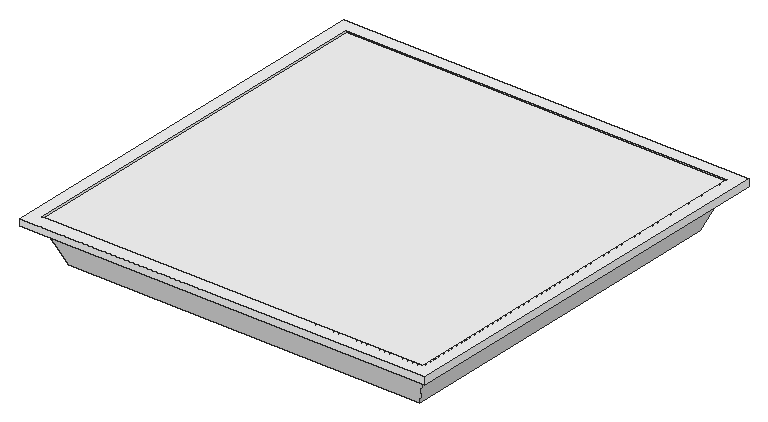
Revit family "0047451 Feilo Sylvania Lighting Fixtures START PANEL LED G3 600 NW", category Lighting Fixtures, host Face, Revit 2017
Family settings
  Host = Face
  Round Connector Dimension = Use Diameter
  Part Type = Normal
  OmniClass Number = 23.80.70.00
  OmniClass Title = Lighting
  Cut with Voids When Loaded = Yes
  Light Source = Yes
  Shared = No
  Room Calculation Point = No
Parameters (values of type "0047451 START PANEL LED G3 600 NW")
  Weight = "2.6 kg"
  Wattage Comments = "n/a"
  Wattage = 36 W
  WarrantyStartDate [instance] = "n/a"
  WarrantyGuarantorParts = "n/a"
  WarrantyDurationUnit = "n/a"
  WarrantyDurationParts = "n/a"
  WarrantyDescription = "n/a"
  built-in parameter 1150110 = 1 (stored number, unit not read)
  Voltage = 230 V
  URL = "http://www.sylvania-lighting.com"
  TypeName = "START PANEL LED G3 600 NW"
  Type Image = <None>
  Type Comments = "n/a"
  built-in parameter 1114217 = 1 (stored number, unit not read)
  Tilt Angle = -90.00°
  built-in parameter 1150109 = 1 (stored number, unit not read)
  built-in parameter 1150134 = 12
  built-in parameter 1150113 = 1 (stored number, unit not read)
  SerialNumber [instance] = "n/a"
  PowerFactor = 0
  PowerConsumption = "36 W"
  Photometric Web File = "0047451.ies"
  NominalLength = 596 mm
  NominalHeight = 65 mm
  NominalDepth = 596 mm
  Name = "START PANEL LED G3 600 NW"
  ModelReference = "START PANEL LED G3 600 NW"
  ModelNumber = "0047451"
  Model = "START PANEL LED G3 600 NW"
  Material = "powder coated steel + aluminium housing, polycarbonate diffuser"
  ManufacturerName = "Feilo Sylvania"
  Manufacturer = "Feilo Sylvania"
  LuminousEfficacy = "111 lm/W"
  built-in parameter 1150105 = 317.99 (stored number, unit not read)
  Lumens = 3996 lm
  LuminaireType = ""
  built-in parameter 1150115 = 1 (stored number, unit not read)
  LightOutputRatio = "100"
  built-in parameter 1150137 = (empty or 0)
  built-in parameter 1150139 = (empty or 0)
  LampsType = Lamp  # "LED"
  LampNominalLuminous = "4000 lm"
  LampMacAdamStep = "n/a"
  LampColourTemperature = "4000 K"
  LampColourRenderingIndex = "0"
  built-in parameter 1150112 = 1 (stored number, unit not read)
  built-in parameter 1150114 = 1 (stored number, unit not read)
  Lamp = "LED"
  Keynote = "16500"
  InstallationDate [instance] = "n/a"
  InputVoltage = "220-240V~"
  InputNominalFrequency = "n/a"
  built-in parameter 1150132 = (empty or 0)
  built-in parameter 1150102 = (empty or 0)
  built-in parameter 1150107 = 4000 (stored number, unit not read)
  built-in parameter 1150138 = (empty or 0)
  IngressProtection = "IP44"
  ImpactProtectionIndex = "IK02"
  built-in parameter 1150106 = 3.1799 (stored number, unit not read)
  IfcExportType = "IfcLightFixtureType"
  IfcExportAs = "IfcLightFixtureType"
  ExpectedLife = 50000
  Emit from Rectangle Width = NominalLength - 40 mm  # 556 mm
  Emit from Rectangle Length = NominalLength - 40 mm  # 556 mm
  Emit Shape Visible in Rendering = no
  ElectricShockClassification = "Class II"
  built-in parameter 1150104 = 10.312 (stored number, unit not read)
  DurationUnit = "hours"
  DocumentationLiterature = "http://www.sylvania-lighting.com/product/en-int/products/0047451"
  DimmingControlOptions = "Non dimmable"
  Dimming Lamp Color Temperature Shift = <None>
  Description = "LED recessed IP44 panel - 600x600mm in 4000K Neutral White. 4000lm delivered from 36W. 111lm/W total system effciency. Energy efficient driver included as standard. Even distribution of light throughout fixture. Long lifetime of 50,000 hours (L70)."
  Default Elevation = 1219.2 mm
  CreatedOn = "17/11/2017"
  CreatedBy = ""
  Cost = 0
  Color Filter = 16777215
  built-in parameter 1114216 [instance] = (empty or 0)
  BarCode [instance] = "n/a"
  built-in parameter 1114218 = 1 (stored number, unit not read)
  built-in parameter 1150133 = 10 (stored number, unit not read)
  AssetType = "Fixed"
  AssetIdentifier [instance] = "n/a"
  Assembly Code = "D5020200"
  Apparent Load = 36 VA
Reference planes
  plane 1 "Center (Front/Back)": y = 0
  plane 2: z = 0
  plane 3 "Center (Left/Right)": x = 0
  plane 4: x = -298
  plane 5: x = 298
  plane 6: y = 298
  plane 7: y = -298
  plane 8: x = -280
  plane 9: y = 280
  plane 10: y = -280
  plane 11: x = 280
  plane 12: z = 10
  plane 13: z = -55
  plane 14: x = -258
  plane 15: y = 258
  plane 16: x = 258
  plane 17: y = -258
Forms (mm)
  Extrusion 1, solid, material "Body-Sylvania_White"
    sketch origin (0, 0, 0) x (1, 0, 0) y (0, 1, 0)
      loop
        line (-298, 298) -> (-298, -298) -> (298, -298) -> (298, 298) -> (-298, 298)
      loop
        line (-280, 280) -> (-280, -280) -> (280, -280) -> (280, 280) -> (-280, 280)
    from 0 to 10
  Extrusion 2, solid, material "Diffuser-Sylvania-Glow"
    sketch origin (0, 0, 0) x (1, 0, 0) y (0, 1, 0)
      loop
        line (-280, 280) -> (-280, -280) -> (280, -280) -> (280, 280) -> (-280, 280)
    from 0 to 9
  Blend 3, solid, material "Body-Sylvania_White"
    base sketch origin (0, 0, 0) x (1, 0, 0) y (0, 1, 0)
      loop
        line (-280, 280) -> (-280, -280) -> (280, -280) -> (280, 280) -> (-280, 280)
    top sketch origin (0, 0, 0) x (1, 0, 0) y (0, 1, 0)
      loop
        line (-258, -258) -> (258, -258) -> (258, 258) -> (-258, 258) -> (-258, -258)
    from 0 to -55
Cuts and joins
  joined: Extrusion 1, Blend 3
Dimensions and locks
  equal spacing: plane 4, plane 3 "Center (Left/Right)", plane 5
  equal spacing: plane 7, plane 1 "Center (Front/Back)", plane 6
  plane 7 to plane 6 = 596 mm
  "NominalLength": plane 4 to plane 5
  locked: plane 4 to plane 8 at 18
  locked: plane 11 to plane 5 at 18
  locked: plane 9 to plane 6 at 18
  locked: plane 7 to plane 10 at 18
  "NominalHeight": plane 12 to plane 13
  locked: plane 2 to plane 13 at 55
  locked: plane 15 to plane 9 at 22
  locked: plane 8 to plane 14 at 22
  locked: plane 16 to plane 11 at 22
  locked: plane 10 to plane 17 at 22
  aligned and locked: plane 2 to host face
  aligned and locked: level to host face
  aligned and locked: plane 6 to Extrusion 1 sketch curve
  aligned and locked: plane 4 to Extrusion 1 sketch curve
  aligned and locked: Extrusion 1 sketch curve to plane 7
  aligned and locked: Extrusion 1 sketch curve to plane 5
  aligned and locked: plane 9 to Extrusion 1 sketch curve
  aligned and locked: plane 8 to Extrusion 1 sketch curve
  aligned and locked: Extrusion 1 sketch curve to plane 10
  aligned and locked: Extrusion 1 sketch curve to plane 11
  aligned and locked: Extrusion 1 to plane 12
  aligned and locked: Extrusion 1 to level
  aligned and locked: Extrusion 2 sketch curve to Extrusion 1  (x4)
  aligned and locked: Blend 3 sketch curve to Extrusion 1  (x4)
  aligned and locked: plane 17 to Blend 3 sketch curve
  aligned and locked: Blend 3 sketch curve to plane 14
  aligned and locked: Blend 3 sketch curve to plane 15
  aligned and locked: plane 16 to Blend 3 sketch curve
  aligned and locked: plane 13 to Blend 3
Automatic sketch dimensions
  host sketch curve to host sketch curve = 2438.4 mm  (x2)
Connectors
  electrical at (0, 0, 0), driven by "Apparent Load"
    settings: index 1, voltage 230 V, apparent load 36 VA, apparent load phase1 0 VA, apparent load phase2 0 VA, apparent load phase3 0 VA, power factor 0, load classification "Lighting", number of poles 1, system type 30, power factor state 1, is connector primary yes, connector utility no, sub classification motor no, connector description ""
